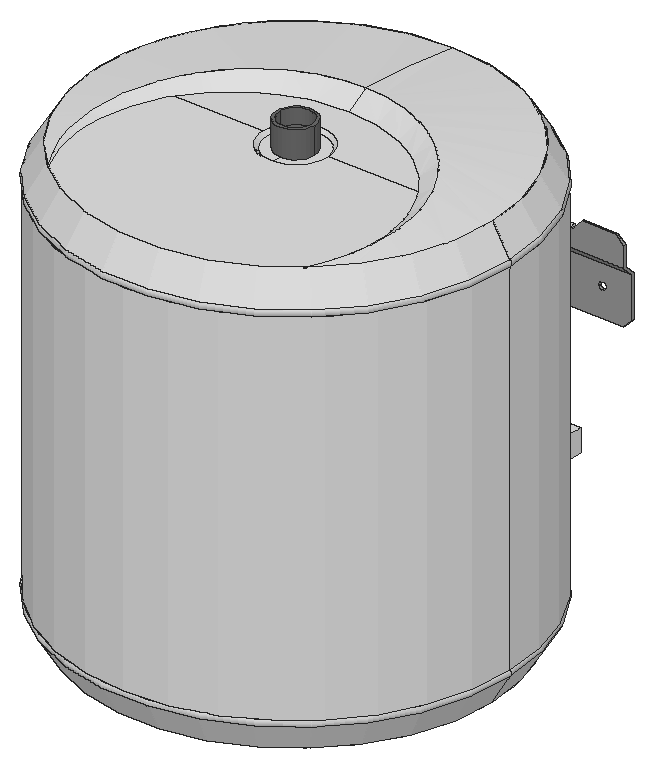
Revit family "NLRS_50_ME_UH_buffervat 40 liter - WPSK40_komfort_nathan", category Mechanical Equipment, Revit 2019
Family settings
  Round Connector Dimension = Use Diameter
  Part Type = Normal
  OmniClass Number = 23.75.10.34.11
  OmniClass Title = Energy Storage Tanks
  Work Plane-Based = No
  Always vertical = Yes
  Cut with Voids When Loaded = No
  Shared = No
  Room Calculation Point = No
Parameters (values of type "WPSK40")
  White = Color RGB 220-220-220
  Volume (L) = 38.5 L  # constant formula
  Use Nominal Diameter = yes
  Unit Weight (kg) = 16.00 kg  # constant formula
  URL = "www.nathan.nl"
  NLRS_C_gtin_code = "08718347709310"  # constant formula
  NLRS_C_fabrikant_product_code = "58005040"  # constant formula
  NLRS_C_fabrikant_gln_code = "8718347700003"  # constant formula
  NLRS_C_description = "CV-buffervat WPSK 40"  # constant formula
  NLRS_C_ETIM_code = "EC012339"  # constant formula
  Muurbeugel [instance] = yes
  Model = "WPSK 40"  # constant formula
  Max. Tank Operating Pressure (bar) = 6.0 bar  # constant formula
  Manufacturer = "Komfort"  # constant formula
  IFCExportType = "NOTDEFINED"  # constant formula
  IFCExportAs = "IfcTank"  # constant formula
  Height = 495 mm  # constant formula
  Grey = Color RGB 120-120-120
  D2 Description = "1''"
  D1 Description = "1''"
  Central Heating/Cooling Water Outlet Flow [instance] = 0.0 L/s
  Central Heating/Cooling Water Outlet = if(Use Nominal Diameter, 25 mm, 33.7 mm)  # 25 mm
  Central Heating/Cooling Water Inlet Flow [instance] = [Central Heating/Cooling Water Outlet Flow]  # 0.0 L/s
  Central Heating/Cooling Water Inlet = if(Use Nominal Diameter, 25 mm, 33.7 mm)  # 25 mm
  Diameter = 445 mm  # constant formula
  Description = "Serieel buffervat WPSK 40"  # constant formula
  Custom = no
  CW Label = ""
  Black = Color RGB 055-055-055
Reference planes
  plane 1 "Center (Front/Back)": y = 0
  plane 2: z = 0
  plane 3 "Center (Left/Right)": x = 0
  plane 4: z = 495
  plane 5: z = 485
  plane 6: z = 60
  plane 7: z = 435
  plane 8: y = -230
  plane 9: z = 333
  plane 10: y = -461.342
Forms (mm)
  Extrusion 1, solid, material "Color RGB 220-220-220" <- "White"
    sketch origin (-294.759, -1762, 50) x (-1, 0, 0) y (0, -1, 0)
      loop
        circle (-294.759, -1524) r 222.5
    from 10 to 385
  Revolve 2, solid, material "Color RGB 220-220-220" <- "White"
    sketch origin (0, -238, -24.053) x (0, 1, 0) y (0, 0, 1)
      loop
        line (0, 495) -> (204.301, 495)
        arc (204.301, 495) -> (102.443, 506.602) -> (0, 510.477) r 1356.182
        line (0, 510.477) -> (0, 495)
      axis (0, 510.477) -> (0, 495)
    angle from 0 to 360
  Revolve 3, solid, material "Color RGB 220-220-220" <- "White"
    sketch origin (0, -238, 519.053) x (0, 1, 0) y (0, 0, -1)
      loop
        line (0, 495) -> (204.301, 495)
        arc (204.301, 495) -> (102.443, 506.602) -> (0, 510.477) r 1356.182
        line (0, 510.477) -> (0, 495)
      axis (0, 510.477) -> (0, 495)
    angle from 0 to 360
  Revolve 4, void
    sketch origin (0, -238, 0) x (0, 1, 0) y (0, 0, 1)
      loop
        line (-82.5, 470.947) -> (68.921, 470.947) -> (97.5, 487.502) -> (-82.5, 487.502) -> (-82.5, 470.947)
      axis (-82.5, 470.947) -> (-82.5, 487.502)
    angle from 0 to 360
  Revolve 5, void
    sketch origin (0, -238, 495) x (0, 1, 0) y (0, 0, 1)
      loop
        line (-82.5, -470.947) -> (-82.5, -487.502) -> (97.5, -487.502) -> (68.921, -470.947) -> (-82.5, -470.947)
      axis (-82.5, -470.947) -> (-82.5, -487.502)
    angle from 0 to 360
  Extrusion 6, solid, material "Color RGB 055-055-055" <- "Black", detail levels fine
    sketch origin (-294.759, -1532, 50) x (-1, 0, 0) y (0, -1, 0)
      loop
        circle (-294.759, -1294) r 16.85
    from -36.525 to -20
  Extrusion 7, solid, material "Color RGB 055-055-055" <- "Black", detail levels fine
    sketch origin (-294.759, -1532, 50) x (-1, 0, 0) y (0, -1, 0)
      loop
        circle (-294.759, -1294) r 16.85
    from 417.411 to 430
  Extrusion 8, solid, material "Color RGB 220-220-220" <- "White"
    sketch origin (0, -8, 0) x (0, 1, 0) y (0, 0, 1)
      loop
        line (0, 313) -> (0, 333) -> (-40, 333) -> (-40, 331) -> (-2, 331) -> (-2, 313) -> (0, 313)
    from 70.148 to 105.148
  Extrusion 9, solid, material "Color RGB 220-220-220" <- "White"
    sketch origin (0, -8, 0) x (0, 1, 0) y (0, 0, -1)
      loop
        line (0, -313) -> (-2, -313) -> (-2, -331) -> (-40, -331) -> (-40, -333) -> (0, -333) -> (0, -313)
    from 70.148 to 105.148
  Extrusion 10, solid, material "Color RGB 220-220-220" <- "White"
    sketch origin (-294.759, -1532, 50) x (-1, 0, 0) y (0, -1, 0)
      loop
        line (-189.612, -1532) -> (-189.612, -1484) -> (-224.612, -1484) -> (-224.612, -1532) -> (-189.612, -1532)
      loop
        line (-399.907, -1532) -> (-364.907, -1532) -> (-364.907, -1484) -> (-399.907, -1484) -> (-399.907, -1532)
    from 65.96 to 90
  Revolve 11, void
    sketch origin (0, -8, 0) x (0, 1, 0) y (0, 0, 1)
      loop
        line (-230, 470.947) -> (-264.059, 470.947) -> (-260.523, 467.411) -> (-230, 467.411) -> (-230, 470.947)
      axis (-230, 467.411) -> (-230, 470.947)
    angle from 0 to 360
  Revolve 12, void
    sketch origin (0, -8, 495) x (0, 1, 0) y (0, 0, 1)
      loop
        line (-230, -470.947) -> (-230, -467.411) -> (-260.523, -467.411) -> (-264.059, -470.947) -> (-230, -470.947)
      axis (-230, -467.411) -> (-230, -470.947)
    angle from 0 to 360
  Extrusion 13, solid, material "Color RGB 055-055-055" <- "Black"
    sketch origin (-294.759, -1532, 50) x (-1, 0, 0) y (0, -1, 0)
      loop
        circle (-294.759, -1294) r 16.85
      loop
        circle (-294.759, -1294) r 19.85
    from -50 to -22.411
  Extrusion 14, solid, material "Color RGB 055-055-055" <- "Black"
    sketch origin (-294.759, -1532, 50) x (-1, 0, 0) y (0, -1, 0)
      loop
        circle (-294.759, -1294) r 16.85
      loop
        circle (-294.759, -1294) r 19.85
    from 445 to 417.411
  Revolve 15, solid, material "Color RGB 220-220-220" <- "White", detail levels coarse
    sketch origin (0, -238, 60) x (0, 0, -1) y (-1, 0, 0)
      loop
        line (35.744, 173.116) -> (5.125, 225) -> (-380.193, 225) -> (-410.988, 203.915)
        arc (-410.988, 203.915) -> (-419.566, 102.102) -> (-423.411, 0) r 2201.316
        line (-423.411, 0) -> (48.411, 0)
        arc (48.411, 0) -> (46.251, 86.864) -> (35.744, 173.116) r 902.047
      axis (-423.411, 0) -> (48.411, 0)
    angle from 0 to 360
  Revolve 16, solid, material "Color RGB 220-220-220" <- "White", detail levels medium+fine
    sketch origin (0, -238, 60) x (0, 0, -1) y (-1, 0, 0)
      loop
        line (-410.947, 204.301) -> (-410.947, 0) -> (-375, 0) -> (-375, 222.5)
        arc (-375, 222.5) -> (-378.112, 223.377) -> (-381.225, 222.5) r 5.96
        line (-381.225, 222.5) -> (-410.947, 204.301)
      loop
        line (35.947, 204.301) -> (6.225, 222.5)
        arc (6.225, 222.5) -> (3.112, 223.377) -> (0, 222.5) r 5.96
        line (0, 222.5) -> (0, 0) -> (35.947, 0) -> (35.947, 204.301)
      axis (-410.947, 0) -> (35.947, 0)
    angle from 0 to 360
Cuts and joins
  Revolve 5, Revolve 11, Revolve 12 cuts Extrusion 1
  Revolve 4, Revolve 5, Revolve 11, Revolve 12 cuts Revolve 2
  Revolve 5, Revolve 11, Revolve 12 cuts Revolve 3
  joined: Extrusion 1, Revolve 2, Revolve 3, Extrusion 8, Extrusion 9, Extrusion 10
  Revolve 12 cuts Extrusion 7
  Revolve 11, Revolve 12 cuts Revolve 16
Dimensions and locks
  "Height": plane 4 to level
  locked: plane 4 to plane 5 at 10
  locked: plane 4 to plane 7 at 60
  locked: plane 9 to nested 1 at 2
  "Diameter": diameter of Extrusion 1 sketch curve
  aligned and locked: level to plane 2
  aligned and locked: Extrusion 1 to plane 6
  aligned and locked: Extrusion 13 to level
Automatic sketch dimensions
  Revolve 2 sketch curve to plane 8 = 8 mm  (x2)
  Revolve 2 sketch curve to plane 5 = 14.053 mm
  plane 1 "Center (Front/Back)" to Revolve 2 sketch curve = 33.699 mm
  Revolve 2 sketch curve to level = 869.759 mm
  plane 7 to Revolve 2 sketch curve = 10.947 mm
  plane 4 to Revolve 2 sketch curve = 45.947 mm
  plane 8 to Revolve 3 sketch curve = 8 mm  (x2)
  Revolve 3 sketch curve to plane 1 "Center (Front/Back)" = 33.699 mm
  Revolve 3 sketch curve to plane 4 = 869.759 mm
  Revolve 3 sketch curve to level = 24.053 mm
  plane 6 to Revolve 3 sketch curve = 10.947 mm
  level to Revolve 3 sketch curve = 45.947 mm
  Revolve 4 sketch curve to plane 7 = 0 mm
  Revolve 4 sketch curve to plane 5 = 14.053 mm
  Revolve 4 sketch curve to plane 8 = 90.5 mm
  plane 8 to Revolve 4 sketch curve = 60.921 mm
  plane 5 to Revolve 4 sketch curve = 2.502 mm
  Revolve 4 sketch curve to Revolve 4 sketch curve = 28.579 mm
  Revolve 4 sketch curve to Revolve 4 sketch curve = 0 mm
  plane 4 to Revolve 4 sketch curve = 40 mm
  Revolve 5 sketch curve to plane 6 = 0 mm
  level to Revolve 5 sketch curve = 24.053 mm
  Revolve 5 sketch curve to plane 8 = 90.5 mm
  plane 8 to Revolve 5 sketch curve = 60.921 mm
  level to Revolve 5 sketch curve = 7.498 mm
  Revolve 5 sketch curve to Revolve 5 sketch curve = 28.579 mm
  Revolve 5 sketch curve to Revolve 5 sketch curve = 0 mm
  Revolve 5 sketch curve to level = 40 mm
  Extrusion 6 sketch curve to plane 3 "Center (Left/Right)" = 0 mm
  Extrusion 6 sketch curve to plane 8 = 8 mm
  Extrusion 7 sketch curve to plane 3 "Center (Left/Right)" = 0 mm
  Extrusion 7 sketch curve to plane 8 = 8 mm
  Extrusion 8 sketch curve to plane 9 = 0 mm
  Extrusion 8 sketch curve to plane 9 = 2 mm
  plane 1 "Center (Front/Back)" to Extrusion 8 sketch curve = 48 mm
  plane 1 "Center (Front/Back)" to Extrusion 8 sketch curve = 10 mm
  Extrusion 8 sketch curve to Extrusion 8 sketch curve = 2 mm
  Extrusion 8 sketch curve to Extrusion 8 sketch curve = 18 mm
  Extrusion 9 sketch curve to plane 9 = 0 mm
  Extrusion 9 sketch curve to plane 9 = 2 mm
  plane 1 "Center (Front/Back)" to Extrusion 9 sketch curve = 48 mm
  plane 1 "Center (Front/Back)" to Extrusion 9 sketch curve = 10 mm
  Extrusion 9 sketch curve to Extrusion 9 sketch curve = 2 mm
  Extrusion 9 sketch curve to Extrusion 9 sketch curve = 18 mm
  plane 1 "Center (Front/Back)" to Extrusion 10 sketch curve = 0 mm  (x2)
  plane 3 "Center (Left/Right)" to Extrusion 10 sketch curve = 105.148 mm
  Extrusion 10 sketch curve to Extrusion 10 sketch curve = 35 mm  (x2)
  Extrusion 10 sketch curve to plane 3 "Center (Left/Right)" = 70.148 mm
  Extrusion 10 sketch curve to Extrusion 10 sketch curve = 48 mm  (x2)
  Revolve 11 sketch curve to plane 5 = 14.053 mm
  Revolve 11 sketch curve to plane 8 = 42.059 mm
  Revolve 11 sketch curve to Revolve 11 sketch curve = 3.536 mm  (x2)
  Revolve 11 sketch curve to plane 8 = 8 mm  (x2)
  Revolve 11 sketch curve to Revolve 11 sketch curve = 12.411 mm
  plane 4 to Revolve 11 sketch curve = 35 mm
  Revolve 12 sketch curve to plane 8 = 42.059 mm
  Revolve 12 sketch curve to Revolve 12 sketch curve = 3.536 mm  (x2)
  Revolve 12 sketch curve to plane 8 = 8 mm  (x2)
  level to Revolve 12 sketch curve = 24.053 mm
  Revolve 12 sketch curve to level = 35 mm
  Revolve 12 sketch curve to Revolve 12 sketch curve = 12.411 mm
  Extrusion 14 sketch curve to plane 3 "Center (Left/Right)" = 0 mm
  Extrusion 14 sketch curve to plane 8 = 8 mm
  Revolve 16 sketch curve to plane 3 "Center (Left/Right)" = 0 mm  (x3)
  Revolve 16 sketch curve to plane 7 = 0 mm
  Revolve 16 sketch curve to plane 6 = 0 mm
  plane 7 to Revolve 16 sketch curve = 3.112 mm
  Revolve 16 sketch curve to Revolve 16 sketch curve = 3.112 mm  (x2)
  Revolve 16 sketch curve to plane 5 = 14.053 mm
  Revolve 16 sketch curve to plane 6 = 3.112 mm
  level to Revolve 16 sketch curve = 24.053 mm
  Revolve 16 sketch curve to Revolve 16 sketch curve = 204.301 mm  (x2)
  Revolve 16 sketch curve to Revolve 16 sketch curve = 13.115 mm  (x2)
  Revolve 16 sketch curve to Revolve 16 sketch curve = 5.083 mm  (x2)
  plane 4 to Revolve 16 sketch curve = 140 mm
  plane 9 to Revolve 16 sketch curve = 10 mm
  Extrusion 14 sketch curve to Extrusion 14 sketch curve = 0 mm  (x2)
  Extrusion 13 sketch curve to Extrusion 13 sketch curve = 0 mm  (x2)
  Extrusion 13 sketch curve to plane 3 "Center (Left/Right)" = 0 mm
  Extrusion 13 sketch curve to plane 8 = 8 mm
  Revolve 15 sketch curve to plane 3 "Center (Left/Right)" = 0 mm  (x2)
  Revolve 15 sketch curve to plane 3 "Center (Left/Right)" = 21.037 mm
  plane 9 to Revolve 15 sketch curve = 580.391 mm
  Revolve 15 sketch curve to plane 5 = 1.589 mm
  Revolve 15 sketch curve to plane 5 = 14.012 mm
  plane 7 to Revolve 15 sketch curve = 5.193 mm
  Revolve 15 sketch curve to plane 6 = 5.125 mm
  level to Revolve 15 sketch curve = 24.256 mm
  level to Revolve 15 sketch curve = 11.589 mm
  plane 3 "Center (Left/Right)" to Revolve 15 sketch curve = 31.752 mm
  Revolve 15 sketch curve to level = 1717.677 mm
  Revolve 15 sketch curve to Revolve 15 sketch curve = 21.085 mm
  plane 4 to Revolve 15 sketch curve = 36.767 mm
  Revolve 15 sketch curve to level = 18.233 mm
  Extrusion 1 sketch curve to plane 3 "Center (Left/Right)" = 0 mm
  Extrusion 1 sketch curve to plane 8 = 8 mm
  radius of Extrusion 6 sketch curve = 16.85 mm
  radius of Extrusion 7 sketch curve = 16.85 mm
  radius of Extrusion 14 sketch curve = 16.85 mm
  radius of Extrusion 14 sketch curve = 19.85 mm
  radius of Extrusion 13 sketch curve = 16.85 mm
  radius of Extrusion 13 sketch curve = 19.85 mm
Nested families
  nested 1: "NLRS_50_GM_UH_ophangbeugel WPSK_komfort_nathan" at (0, 0, 251) x (-1, 0, 0) z (0, 0, 1), visible <- "Muurbeugel", type "WPSK40"
Connectors
  piping at (0, -238, 480), diameter 25, driven by "Central Heating/Cooling Water Outlet Flow", driven by "Central Heating/Cooling Water Outlet"
    settings: on cut or joined group of Extrusion 7, Revolve 12, index 1, connector inside diameter 609.6 mm, connector length 0 mm, flow factor 0, pipe flow 0.0 L/s, pressure drop 0.0 Pa, fitting loss kfactor 0, connector angle 0.00°, fixture units 0, engagement length 0 mm, angle of deflection 0.00°, flow configuration 0, flow direction 2, fitting loss method 0, system type 8, joint type 0, gender type 0, connector reference index -1, connector utility 0, adjustable connector no, is connector primary yes, connector description "Hydronic Return"
  piping at (0, -238, 13.475), diameter 25, driven by "Central Heating/Cooling Water Inlet", driven by "Central Heating/Cooling Water Inlet Flow"
    settings: on Extrusion 6, index 2, connector inside diameter 609.6 mm, connector length 0 mm, flow factor 0, pipe flow 0.0 L/s, pressure drop 0.0 Pa, fitting loss kfactor 0, connector angle 0.00°, fixture units 0, engagement length 0 mm, angle of deflection 0.00°, flow configuration 1, flow direction 1, fitting loss method 0, system type 7, joint type 0, gender type 0, connector reference index -1, connector utility 0, adjustable connector no, is connector primary no, connector description "Hydronic Supply"
Definition of nested family "NLRS_50_GM_UH_ophangbeugel WPSK_komfort_nathan"
  Parameters (values of type "WPSK40")
    URL = "www.nathan.nl"
    Model = ""
    Manufacturer = "Komfort"  # constant formula
    Description = "Ophangbeugel WPSK"  # constant formula
    Custom = no
  Reference planes
    plane 1 "Center (Front/Back)": y = 0
    plane 2: z = 0
    plane 3 "Center (Left/Right)": x = 0
  Forms (mm)
    Extrusion 1, solid, detail levels medium+fine
      sketch origin (0, 0, 0) x (0, 1, 0) y (0, 0, 1)
        loop
          line (0, 0) -> (2, 0) -> (2, 51.172) -> (12, 61.172) -> (12, 90) -> (10, 90) -> (10, 62) -> (0, 52) -> (0, 0)
      from -160 to 160
    Extrusion 2, void
      sketch origin (-271.667, 12, 1200) x (-1, 0, 0) y (0, 0, 1)
        loop
          line (-111.667, -1108) -> (-431.667, -1108) -> (-431.667, -1118) -> (-423.667, -1110) -> (-388.667, -1110) -> (-380.667, -1118) -> (-380.667, -1120) -> (-282.667, -1120) -> (-282.667, -1144) -> (-228.667, -1144) -> (-228.667, -1120) -> (-162.667, -1120) -> (-162.667, -1118) -> (-154.667, -1110) -> (-119.667, -1110) -> (-111.667, -1118) -> (-111.667, -1108)
        loop
          line (-111.667, -1192) -> (-119.667, -1200) -> (-111.667, -1200) -> (-111.667, -1192)
        loop
          line (-431.667, -1192) -> (-431.667, -1200) -> (-423.667, -1200) -> (-431.667, -1192)
      from 0 to -12
    Extrusion 3, void
      sketch origin (-271.667, 2, 1200) x (-1, 0, 0) y (0, 0, 1)
        loop
          circle (-271.667, -1170) r 4
        loop
          circle (-141.667, -1170) r 4
        loop
          circle (-401.667, -1170) r 4
      from 0 to -2
    Extrusion 4, void
      sketch origin (-271.667, 0, 1200) x (-1, 0, 0) y (0, 0, 1)
        loop
          circle (-271.667, -1170) r 6.5
        loop
          circle (-141.667, -1170) r 6.5
        loop
          circle (-401.667, -1170) r 6.5
      from -60 to 0
  Cuts and joins
    Extrusion 2, Extrusion 3, Extrusion 4 cuts Extrusion 1
  Dimensions and locks
    aligned and locked: level to plane 2
